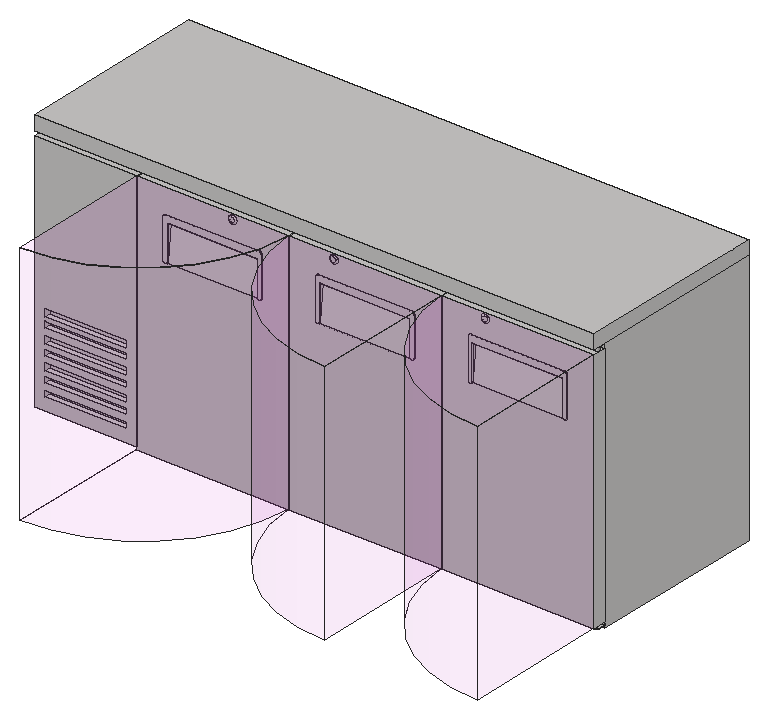
Revit family "QF_True_TBB24-72-3S-Z1-SFT-S-1_Solid_Swing_Door_Back_Bar", category Specialty Equipment, Revit 2021
Family settings
  Round Connector Dimension = Use Diameter
  Part Type = Normal
  Work Plane-Based = No
  Always vertical = Yes
  Cut with Voids When Loaded = No
  Shared = No
  Room Calculation Point = No
Parameters
  Weight in Pounds = 415
  Watts = Volts * FL Amps  # 368 W
  Volts = 115 V
  URL Cutsheet = ""
  Specification by User = ""
  Specification by Manufacturer = ""
  Show Seismic Flanged [instance] = yes
  Show Door Clearance [instance] = yes
  Show Default [instance] = if(or([Show 2" Casters], [Show 3" Casters]), or(or([Show 4" Casters], [Show 5" Casters], [Show 6" Legs]), and([Show 2" Casters], [Show 3" Casters]), and([Show 3" Casters], Show Seismic Flanged)), if(or([Show 4" Casters], [Show 5" Casters]), or(or([Show 6" Legs], Show Seismic Flanged), and([Show 4" Casters], [Show 5" Casters])), if([Show 6" Legs], Show Seismic Flanged, not(Show Seismic Flanged))))  # yes
  Show 6" Legs [instance] = yes
  Show 5" Casters [instance] = yes
  Show 4" Casters [instance] = yes
  Show 3" Casters [instance] = yes
  Show 2" Casters [instance] = yes
  Serial Number = ""
  Seismic Rating = ""
  SMACNA No = ""
  Revision Code = ""
  Phase = 1
  Number of Poles = 1
  NAFEM Spec ID Number = ""
  Model = "TBB24-72-3S-Z1-SFT-S-1"
  Min Ckt Ampacity = 0 A
  Max Overcurrent Protection = 0 A
  Masterspec = ""
  Manufacturer = "True"
  Length = 72 1/32"
  Item Number = ""
  Installed By = ""
  Identify Quantity as Lot = yes
  Height [instance] = Base Height + Body Height  # 34 23/32"
  HP = "1/4"
  Furnished By = ""
  Foodservice Equipment Identifier = yes
  FL Amps = 3.2 A
  Electrical Remarks = ""
  Electric Connection Type = ""
  Elec Conn RI Height = 0"
  Elec Conn Connection Height = 0"
  Door Finish [instance] = QF_Metal_Stainless_Polished
  Description = "Solid Swing Door Back Bar 24\" Depth Single Zone Cooler with Black Sub Top and Black Exterior"
  Depth = 24 7/8"
  Default Elevation = 0"
  Cycle = 60 Hz
  Counter Top Finish [instance] = QF_Metal_Stainless_Polished
  Conn Plug = "NEMA 5-15P"
  Conn Conduit = yes
  CSI MasterFormat = ""
  Body Height [instance] = 34 23/32"
  Body Finish [instance] = QF_Metal_Stainless_Polished
  Base Height [instance] = if(Show Default, 0", if([Show 2" Casters], 2", if([Show 3" Casters], 3", if([Show 4" Casters], 4", if([Show 5" Casters], 5", if([Show 6" Legs], 6", if(Show Seismic Flanged, 6", 0")))))))  # 0"
  Apparent Power = 0 VA
Reference planes (in)
  plane 1 "BACK": y = 0
  plane 2: z = 0
  plane 3 "LEFT": x = 0
  plane 4 "RIGHT": x = 72.03125
  plane 5 "FRONT": y = -24.875
  plane 6 "TOP": z = 34.71875
  plane 7 "Center Y": x = 36.01563
  plane 8 "Center X": y = -12.4375
  plane 9: z = 0
Dimensions and locks (in)
  equal spacing: plane 3 "LEFT", plane 7 "Center Y", plane 4 "RIGHT"
  "Length": plane 3 "LEFT" to plane 4 "RIGHT"
  equal spacing: plane 5 "FRONT", plane 8 "Center X", plane 1 "BACK"
  "Depth": plane 5 "FRONT" to plane 1 "BACK"
  plane 6 "TOP" to level = 34 23/32"
  "Body Height": plane 6 "TOP" to plane 9
  "Base Height": plane 9 to level
  aligned and locked: level to plane 2
  aligned and locked: nested 1 to plane 9
Nested families (in)
  nested 1: "TBB24-72-3S-Z1-BST-B-1" at (0, 0, 0), Show Door Clearance <- "Show Door Clearance", Body Finish <- "Body Finish", Counter Top Finishes <- "Counter Top Finish", Door Finish <- "Door Finish", type "TBB24-72-3S-Z1-BST-B-1"
    with Show Door Clearance yes, Door Finish QF_Metal_Stainless_Polished, Counter Top Finishes QF_Metal_Stainless_Polished, Body Finish QF_Metal_Stainless_Polished
  nested 2: "Family3" at (2.5, -20.9375, 0), Show 2" Casters <- "Show 2" Casters", Show 3" Casters <- "Show 3" Casters", Show 4" Casters <- "Show 4" Casters", Show 5" Casters <- "Show 5" Casters", Show 6" Legs <- "Show 6" Legs", Show Seismic Flanged <- "Show Seismic Flanged", type "Family3"
    with Show Seismic Flanged yes, Show 6" Legs yes, Show 5" Casters yes, Show 4" Casters yes, Show 3" Casters yes, Show 2" Casters yes
  nested 3: "Family3" at (69.53125, -20.9375, 0), Show 2" Casters <- "Show 2" Casters", Show 3" Casters <- "Show 3" Casters", Show 4" Casters <- "Show 4" Casters", Show 5" Casters <- "Show 5" Casters", Show 6" Legs <- "Show 6" Legs", Show Seismic Flanged <- "Show Seismic Flanged", type "Family3"
    with Show Seismic Flanged yes, Show 6" Legs yes, Show 5" Casters yes, Show 4" Casters yes, Show 3" Casters yes, Show 2" Casters yes
  nested 4: "Family3" at (2.5, -2.9375, 0), Show 2" Casters <- "Show 2" Casters", Show 3" Casters <- "Show 3" Casters", Show 4" Casters <- "Show 4" Casters", Show 5" Casters <- "Show 5" Casters", Show 6" Legs <- "Show 6" Legs", Show Seismic Flanged <- "Show Seismic Flanged", type "Family3"
    with Show Seismic Flanged yes, Show 6" Legs yes, Show 5" Casters yes, Show 4" Casters yes, Show 3" Casters yes, Show 2" Casters yes
  nested 5: "Family3" at (69.53125, -2.9375, 0), Show 2" Casters <- "Show 2" Casters", Show 3" Casters <- "Show 3" Casters", Show 4" Casters <- "Show 4" Casters", Show 5" Casters <- "Show 5" Casters", Show 6" Legs <- "Show 6" Legs", Show Seismic Flanged <- "Show Seismic Flanged", type "Family3"
    with Show Seismic Flanged yes, Show 6" Legs yes, Show 5" Casters yes, Show 4" Casters yes, Show 3" Casters yes, Show 2" Casters yes
Connectors (in)
  electrical at (5.92159, 0.23047, 18.36709), driven by "Volts", driven by "Watts"
    settings: on nested 1, index 1, voltage 115 V, apparent load 368 VA, apparent load phase1 0 VA, apparent load phase2 0 VA, apparent load phase3 0 VA, power factor 1, load classification "Other", number of poles 1, system type 30, power factor state 1, is connector primary yes, connector utility no, sub classification motor no, connector description "ELECTRICAL CONNECTION"
Definition of nested family "TBB24-72-3S-Z1-BST-B-1"
  Parameters (values of type "TBB24-72-3S-Z1-BST-B-1")
    Weight in Pounds = 0
    URL Cutsheet = ""
    Specification by User = ""
    Specification by Manufacturer = ""
    Show Door Clearance [instance] = yes
    Serial Number = ""
    Seismic Rating = ""
    SMACNA No = ""
    Revision Code = ""
    NAFEM Spec ID Number = ""
    Masterspec = ""
    Length = 72 1/32"
    Item Number = ""
    Installed By = ""
    Identify Quantity as Lot = yes
    Height = 34 23/32"
    Furnished By = ""
    Foodservice Equipment Identifier = yes
    Door Finish [instance] = none
    Depth = 24 7/8"
    Default Elevation = 0"
    Counter Top Finishes [instance] = none
    CSI MasterFormat = ""
    Body Finish [instance] = none
  Reference planes (in)
    plane 1 "BACK": y = 0
    plane 2: z = 0
    plane 3 "LEFT": x = 0
    plane 4 "RIGHT": x = 72.03125
    plane 5 "FRONT": y = -24.875
    plane 6 "TOP": z = 34.71875
    plane 7 "Center Y": x = 36.01563
    plane 8 "Center X": y = -12.4375
    plane 9: y = -43.625
    plane 10: z = 0.6875
    plane 11: z = 32.9375
    plane 12: z = 23.55589
  Forms (in)
    Extrusion 1, solid, material <- "Counter Top Finishes"
      sketch origin (0, 0, 0) x (1, 0, 0) y (0, 0, 1)
        loop
          line (0, 34.71875) -> (0, 32.9375) -> (72.03125, 32.9375) -> (72.03125, 34.71875) -> (0, 34.71875)
      from 0 to 24.875
    Extrusion 2, solid, material <- "Body Finish"
      sketch origin (0, 0, 0) x (0, 1, 0) y (0, 0, 1)
        loop
          line (0, 32.9375) -> (-23.09422, 32.9375) -> (-23.09422, 0) -> (0, 0) -> (0, 32.9375)
      from 0 to 72.03125
    Extrusion 3, solid, material <- "Body Finish"
      sketch origin (0, -23.09422, 32.9375) x (0, 0, -1) y (1, 0, 0)
        loop
          line (0.66249, 0) -> (31.95758, 0) -> (31.95758, 13.15625) -> (0.66249, 13.15625) -> (0.66249, 0)
      from 0 to 1.78078
    Extrusion 4, void
      sketch origin (0, -24.875, 32.9375) x (0, 0, 1) y (1, 0, 0)
        loop
          line (-20.06297, 1.27626) -> (-20.06297, 11.8296) -> (-21.06297, 11.8296) -> (-21.06297, 1.27626) -> (-20.06297, 1.27626)
        loop
          line (-21.51705, 1.27626) -> (-21.51705, 11.8296) -> (-22.34419, 11.8296) -> (-22.34419, 1.27626) -> (-21.51705, 1.27626)
        loop
          line (-23.18797, 1.27626) -> (-23.18797, 11.8296) -> (-24.18797, 11.8296) -> (-24.18797, 1.27626) -> (-23.18797, 1.27626)
        loop
          line (-24.76705, 1.27626) -> (-24.76705, 11.8296) -> (-25.59419, 11.8296) -> (-25.59419, 1.27626) -> (-24.76705, 1.27626)
        loop
          line (-26.31297, 1.27626) -> (-26.31297, 11.8296) -> (-27.31297, 11.8296) -> (-27.31297, 1.27626) -> (-26.31297, 1.27626)
        loop
          line (-27.89205, 1.27626) -> (-27.89205, 11.8296) -> (-28.71919, 11.8296) -> (-28.71919, 1.27626) -> (-27.89205, 1.27626)
        loop
          line (-29.51705, 1.27626) -> (-29.51705, 11.8296) -> (-30.34419, 11.8296) -> (-30.34419, 1.27626) -> (-29.51705, 1.27626)
      from 0 to 0.83594
    Extrusion 5, solid
      sketch origin (0, 0, 32.6875) x (0, 0, 1) y (1, 0, 0)
        loop
          arc (-12.59037, 11.27264) -> (-12.81004, 11.80298) -> (-13.34037, 12.02264) r 0.75
          line (-13.34037, 12.02264) -> (-31.375, 12.02264)
          arc (-31.375, 12.02264) -> (-31.90533, 11.80298) -> (-32.125, 11.27264) r 0.75
          line (-32.125, 11.27264) -> (-32.125, 0.75)
          arc (-32.125, 0.75) -> (-31.90533, 0.21967) -> (-31.375, 0) r 0.75
          line (-31.375, 0) -> (-13.34037, 0)
          arc (-13.34037, 0) -> (-12.81004, 0.21967) -> (-12.59037, 0.75) r 0.75
          line (-12.59037, 0.75) -> (-12.59037, 5.19897) -> (-12.14941, 5.19897)
          arc (-12.14941, 5.19897) -> (-11.39941, 5.94897) -> (-12.14941, 6.69897) r 0.75
          line (-12.14941, 6.69897) -> (-12.59037, 6.69897) -> (-12.59037, 11.27264)
      from 0 to 0.03125
    Extrusion 6, solid
      sketch origin (0, 0.03125, 32.6875) x (0, 0, 1) y (1, 0, 0)
        loop
          line (-11.64941, 5.94897) -> (-11.89941, 6.38198) -> (-12.39941, 6.38198) -> (-12.64941, 5.94897) -> (-12.39941, 5.51596) -> (-11.89941, 5.51596) -> (-11.64941, 5.94897)
      from 0 to 0.19922
    Extrusion 7, solid
      sketch origin (0, 0.03125, 32.6875) x (0, 0, 1) y (1, 0, 0)
        loop
          circle (-14.32041, 5.92159) r 0.5
      from 0 to 0.19922
    Extrusion 8, solid, material <- "Door Finish"
      sketch origin (0, -23.09422, 32.9375) x (0, 0, -1) y (1, 0, 0)
        loop
          line (0.66249, 72.03125) -> (0.66249, 52.40625) -> (32.25, 52.40625) -> (32.25, 72.03125) -> (0.66249, 72.03125)
      from 0 to 1.78078
    Extrusion 9, solid, material <- "Door Finish"
      sketch origin (0, -23.09422, 32.9375) x (0, 0, -1) y (1, 0, 0)
        loop
          line (0.66249, 52.40625) -> (0.66249, 32.78125) -> (32.25, 32.78125) -> (32.25, 52.40625) -> (0.66249, 52.40625)
      from 0 to 1.78078
    Extrusion 10, solid, material <- "Door Finish"
      sketch origin (0, -23.09422, 32.9375) x (0, 0, -1) y (1, 0, 0)
        loop
          line (0.66249, 32.78125) -> (0.66249, 13.15625) -> (32.25, 13.15625) -> (32.25, 32.78125) -> (0.66249, 32.78125)
      from 0 to 1.78078
    Extrusion 11, solid, material <- "Door Finish"
      sketch origin (84, -24.875, 35.99786) x (0, 0, -1) y (1, 0, 0)
        loop
          arc (7.19767, -35.06214) -> (6.92975, -35.17312) -> (6.81877, -35.44104) r 0.37891
          line (6.81877, -35.44104) -> (6.81877, -47.37146)
          arc (6.81877, -47.37146) -> (6.92953, -47.63887) -> (7.19695, -47.74964) r 0.37818
          line (7.19695, -47.74964) -> (12.19377, -47.74964)
          arc (12.19377, -47.74964) -> (12.44197, -47.50143) -> (12.19377, -47.25323) r 0.2482
          line (12.19377, -47.25323) -> (8.12997, -47.25323)
          arc (8.12997, -47.25323) -> (7.86204, -47.14225) -> (7.75107, -46.87433) r 0.37891
          line (7.75107, -46.87433) -> (7.75107, -35.99995)
          arc (7.75107, -35.99995) -> (7.86204, -35.73202) -> (8.12997, -35.62104) r 0.37891
          line (8.12997, -35.62104) -> (12.16252, -35.62104)
          arc (12.16252, -35.62104) -> (12.44197, -35.34159) -> (12.16252, -35.06214) r 0.27945
          line (12.16252, -35.06214) -> (7.19767, -35.06214)
        loop
          line (7.19767, -67.40625) -> (12.16252, -67.40625)
          arc (12.16252, -67.40625) -> (12.44197, -67.1268) -> (12.16252, -66.84735) r 0.27945
          line (12.16252, -66.84735) -> (8.12997, -66.84735)
          arc (8.12997, -66.84735) -> (7.86204, -66.73637) -> (7.75107, -66.46844) r 0.37891
          line (7.75107, -66.46844) -> (7.75107, -55.59406)
          arc (7.75107, -55.59406) -> (7.86204, -55.32613) -> (8.12997, -55.21515) r 0.37891
          line (8.12997, -55.21515) -> (12.19377, -55.21515)
          arc (12.19377, -55.21515) -> (12.44197, -54.96695) -> (12.19377, -54.71875) r 0.2482
          line (12.19377, -54.71875) -> (7.19695, -54.71875)
          arc (7.19695, -54.71875) -> (6.92953, -54.82952) -> (6.81877, -55.09693) r 0.37818
          line (6.81877, -55.09693) -> (6.81877, -67.02734)
          arc (6.81877, -67.02734) -> (6.92975, -67.29527) -> (7.19767, -67.40625) r 0.37891
        loop
          arc (7.19767, -15.40625) -> (6.92975, -15.51723) -> (6.81877, -15.78516) r 0.37891
          line (6.81877, -15.78516) -> (6.81877, -27.71557)
          arc (6.81877, -27.71557) -> (6.92953, -27.98298) -> (7.19695, -28.09375) r 0.37818
          line (7.19695, -28.09375) -> (12.19377, -28.09375)
          arc (12.19377, -28.09375) -> (12.44197, -27.84555) -> (12.19377, -27.59735) r 0.2482
          line (12.19377, -27.59735) -> (8.12997, -27.59735)
          arc (8.12997, -27.59735) -> (7.86204, -27.48637) -> (7.75107, -27.21844) r 0.37891
          line (7.75107, -27.21844) -> (7.75107, -16.34406)
          arc (7.75107, -16.34406) -> (7.86204, -16.07613) -> (8.12997, -15.96515) r 0.37891
          line (8.12997, -15.96515) -> (12.16252, -15.96515)
          arc (12.16252, -15.96515) -> (12.44197, -15.6857) -> (12.16252, -15.40625) r 0.27945
          line (12.16252, -15.40625) -> (7.19767, -15.40625)
      from 0 to 0.03125
    Extrusion 12, void
      sketch origin (14.17365, -24.875, 27.86788) x (0, 0, 1) y (0, 1, 0)
        loop
          line (0.37891, -0.24253) -> (0.37891, 0.5) -> (-4.312, 0) -> (-4.312, -0.24253) -> (0.37891, -0.24253)
      from -2.979 to -14.61119
    Extrusion 13, void
      sketch origin (33.76777, -24.875, 27.86788) x (0, 0, 1) y (0, 1, 0)
        loop
          line (0.37891, -0.24253) -> (0.37891, 0.5) -> (-4.312, 0) -> (-4.312, -0.24253) -> (0.37891, -0.24253)
      from -2.979 to -14.61119
    Extrusion 14, void
      sketch origin (53.42365, -24.875, 27.86788) x (0, 0, 1) y (0, 1, 0)
        loop
          line (0.37891, -0.24253) -> (0.37891, 0.5) -> (-4.312, 0) -> (-4.312, -0.24253) -> (0.37891, -0.24253)
      from -2.979 to -14.61119
    Blend 15, solid, material <- "Door Finish"
      base sketch origin (55.62282, -24.875, 35.99786) x (0, 0, -1) y (1, 0, 0)
        loop
          circle (4.37806, -30.11945) r 0.5
      top sketch origin (55.62282, -24.875, 35.99786) x (0, 0, 1) y (1, 0, 0)
        loop
          circle (-4.37806, -30.11945) r 0.37406
      from 0 to 0.07959
    Blend 16, solid, material <- "Door Finish"
      base sketch origin (55.62282, -24.875, 35.99786) x (0, 0, -1) y (1, 0, 0)
        loop
          circle (4.37806, -17.0582) r 0.5
      top sketch origin (55.62282, -24.875, 35.99786) x (0, 0, 1) y (1, 0, 0)
        loop
          circle (-4.37806, -17.0582) r 0.37406
      from 0 to 0.07959
    Blend 17, solid, material <- "Door Finish"
      base sketch origin (75.12282, -24.875, 35.99786) x (0, 0, -1) y (1, 0, 0)
        loop
          circle (4.37806, -17.0582) r 0.5
      top sketch origin (75.12282, -24.875, 35.99786) x (0, 0, 1) y (1, 0, 0)
        loop
          circle (-4.37806, -17.0582) r 0.37406
      from 0 to 0.07959
    Revolve 18, solid
      sketch origin (13.65625, -180, 0.6875) x (0, 0, -1) y (0, -1, 0)
        loop
          line (-31.58751, -156.24977) -> (-32.25, -156.24977) -> (-32.25, -156.74977) -> (-32.1201, -156.74977) -> (-32.1201, -156.49977) -> (-31.58751, -156.49977) -> (-31.58751, -156.24977)
        axis (-32.25, -156.24977) -> (-31.58751, -156.24977)
      angle from 0 to 360
    Revolve 19, solid
      sketch origin (13.65532, -180.05443, 0.39756) x (0, 0, 1) y (0, 1, 0)
        loop
          line (0.28994, 156.29571) -> (0.28994, 156.48985) -> (0, 156.48985) -> (0, 156.29571) -> (0.28994, 156.29571)
        axis (0.28994, 156.29571) -> (0, 156.29571)
      angle from 0 to 360
    Revolve 20, solid
      sketch origin (71.53125, -180, 0.6875) x (0, 0, -1) y (0, 1, 0)
        loop
          line (-31.58751, 156.24977) -> (-31.58751, 156.49977) -> (-32.1201, 156.49977) -> (-32.1201, 156.74977) -> (-32.25, 156.74977) -> (-32.25, 156.24977) -> (-31.58751, 156.24977)
        axis (-32.25, 156.24977) -> (-31.58751, 156.24977)
      angle from 0 to 360
    Revolve 21, solid
      sketch origin (71.50341, -180.05443, 0.39756) x (0, 0, 1) y (0, -1, 0)
        loop
          line (0.28994, -156.29571) -> (0, -156.29571) -> (0, -156.48985) -> (0.28994, -156.48985) -> (0.28994, -156.29571)
        axis (0.28994, -156.29571) -> (0, -156.29571)
      angle from 0 to 360
    Extrusion 22, solid
      sketch origin (-14.8043, -180.46875, 0.33506) x (-1, 0, 0) y (0, -1, 0)
        loop
          line (-27.96055, -157.37453) -> (-27.96055, -156.39831)
          arc (-27.96055, -156.39831) -> (-28.00348, -156.29467) -> (-28.10712, -156.25173) r 0.14658
          line (-28.10712, -156.25173) -> (-28.51541, -156.25173)
          arc (-28.51541, -156.25173) -> (-28.59865, -156.26829) -> (-28.66923, -156.31545) r 0.21754
          line (-28.66923, -156.31545) -> (-29.51188, -157.1581)
          arc (-29.51188, -157.1581) -> (-29.53936, -157.29627) -> (-29.42223, -157.37453) r 0.12678
          line (-29.42223, -157.37453) -> (-27.96055, -157.37453)
        loop
          line (-67.21055, -157.37453) -> (-65.74886, -157.37453)
          arc (-65.74886, -157.37453) -> (-65.63173, -157.29627) -> (-65.65921, -157.1581) r 0.12678
          line (-65.65921, -157.1581) -> (-66.50186, -156.31545)
          arc (-66.50186, -156.31545) -> (-66.57244, -156.26829) -> (-66.65568, -156.25173) r 0.21754
          line (-66.65568, -156.25173) -> (-67.06397, -156.25173)
          arc (-67.06397, -156.25173) -> (-67.16761, -156.29467) -> (-67.21055, -156.39831) r 0.14658
          line (-67.21055, -156.39831) -> (-67.21055, -157.37453)
      from 0 to 0.0625
    Extrusion 23, solid
      sketch origin (-7.625, -23.09422, 32.9375) x (0, 0, -1) y (1, 0, 0)
        loop
          line (32.60244, 20.78125) -> (32.60244, 22.36972) -> (32.25, 22.36972) -> (32.25, 20.78125) -> (32.60244, 20.78125)
        loop
          line (32.60244, 60.03125) -> (32.25, 60.03125) -> (32.25, 58.44278) -> (32.60244, 58.44278) -> (32.60244, 60.03125)
      from 0 to 0.0625
    Revolve 24, solid
      sketch origin (51.90625, -180, 0.6875) x (0, 0, -1) y (0, 1, 0)
        loop
          line (-31.58751, 156.24977) -> (-31.58751, 156.49977) -> (-32.1201, 156.49977) -> (-32.1201, 156.74977) -> (-32.25, 156.74977) -> (-32.25, 156.24977) -> (-31.58751, 156.24977)
        axis (-32.25, 156.24977) -> (-31.58751, 156.24977)
      angle from 0 to 360
    Revolve 25, solid
      sketch origin (51.87841, -180.05443, 0.39756) x (0, 0, 1) y (0, -1, 0)
        loop
          line (0.28994, -156.29571) -> (0, -156.29571) -> (0, -156.48985) -> (0.28994, -156.48985) -> (0.28994, -156.29571)
        axis (0.28994, -156.29571) -> (0, -156.29571)
      angle from 0 to 360
    Extrusion 26, solid
      sketch origin (12, -23.09422, 32.9375) x (0, 0, -1) y (1, 0, 0)
        loop
          line (32.60244, 60.03125) -> (32.25, 60.03125) -> (32.25, 58.44278) -> (32.60244, 58.44278) -> (32.60244, 60.03125)
      from 0 to 0.0625
    Extrusion 27, solid
      sketch origin (4.8207, -180.46875, 0.33506) x (-1, 0, 0) y (0, -1, 0)
        loop
          line (-67.21055, -157.37453) -> (-65.74886, -157.37453)
          arc (-65.74886, -157.37453) -> (-65.63173, -157.29627) -> (-65.65921, -157.1581) r 0.12678
          line (-65.65921, -157.1581) -> (-66.50186, -156.31545)
          arc (-66.50186, -156.31545) -> (-66.57244, -156.26829) -> (-66.65568, -156.25173) r 0.21754
          line (-66.65568, -156.25173) -> (-67.06397, -156.25173)
          arc (-67.06397, -156.25173) -> (-67.16761, -156.29467) -> (-67.21055, -156.39831) r 0.14658
          line (-67.21055, -156.39831) -> (-67.21055, -157.37453)
      from 0 to 0.0625
    Extrusion 28, solid, visible <- "Show Door Clearance"
      sketch origin (45.95654, -23.09422, 0.6875) x (0, -1, 0) y (-1, 0, 0)
        loop
          arc (1.78078, 13.17529) -> (15.09548, 19.22374) -> (20.53077, 32.80029) r 19.625
          line (20.53077, 32.80029) -> (1.78078, 32.80029) -> (1.78078, 13.17529)
      from 0 to -31.58751
    Extrusion 29, solid, visible <- "Show Door Clearance"
      sketch origin (45.95654, -23.09422, 0.6875) x (0, -1, 0) y (-1, 0, 0)
        loop
          line (1.78078, 13.17529) -> (1.78078, -6.44971) -> (20.53077, -6.44971)
          arc (20.53077, -6.44971) -> (15.09548, 7.12683) -> (1.78078, 13.17529) r 19.625
      from 0 to -31.58751
    Extrusion 30, solid, visible <- "Show Door Clearance"
      sketch origin (45.95654, -23.09422, 0.6875) x (0, -1, 0) y (-1, 0, 0)
        loop
          line (1.78078, -6.44971) -> (1.78078, -26.07471) -> (20.53077, -26.07471)
          arc (20.53077, -26.07471) -> (15.09548, -12.49817) -> (1.78078, -6.44971) r 19.625
      from 0 to -31.58751
  Cuts and joins
    Extrusion 4 cuts Extrusion 2
    Extrusion 4 cuts Extrusion 3
    Extrusion 12, Extrusion 13 cuts Extrusion 10
    Extrusion 12, Extrusion 13, Extrusion 14 cuts Extrusion 11
    Extrusion 12, Extrusion 13, Extrusion 14 cuts Extrusion 9
    Extrusion 13, Extrusion 14 cuts Extrusion 8
  Lines and regions (in)
    Split face 1
      outline origin (0, 0.03125, 32.6875) x (0, 0, 1) y (1, 0, 0)
        loop
          line (-15.04167, 10.7061) -> (-29.59231, 10.7061) -> (-29.59231, 0.9561) -> (-15.04167, 0.9561) -> (-15.04167, 10.7061)
    Split face 2
      outline origin (72.03125, 0, 0) x (-1, 0, 0) y (0, 0, 1)
        loop
          line (60.03125, 32.9375) -> (60.03125, 0)
        loop
          line (57.65625, 0) -> (57.65625, 32.9375)
        loop
          line (2.75, 32.9375) -> (2.75, 0)
    Split face 3
      outline origin (0, -24.875, 32.27501) x (-1, 0, 0) y (0, 0, -1)
        loop
          line (-2.26866, 1.36126) -> (-2.26866, 2.86126) -> (-10.572, 2.86126) -> (-10.572, 1.36126) -> (-2.26866, 1.36126)
    symbolic lines
      curve 1: line (72.03125, 0, 0) -> (0, 0, 0)
      curve 2: line (0, 0, 0) -> (0, -24.875, 0)
      curve 3: line (0, -24.875, 0) -> (72.03125, -24.875, 0)
      curve 4: line (72.03125, -24.875, 0) -> (72.03125, 0, 0)
    symbolic lines, visible <- "Show Door Clearance"
      curve 5: arc (32.78125, -24.875, 0) -> (31.90289, -29.86816, 0) -> (29.77475, -34.46969, 0) r 19.625
      curve 6: arc (35.78775, -34.46969, 0) -> (33.65961, -29.86816, 0) -> (32.78125, -24.875, 0) r 19.625
      curve 7: arc (55.41275, -34.46969, 0) -> (53.28461, -29.86816, 0) -> (52.40625, -24.875, 0) r 19.625
      curve 8: line (13.15625, -24.875, 0) -> (29.77475, -34.46969, 0)
      curve 9: line (52.40625, -24.875, 0) -> (35.78775, -34.46969, 0)
      curve 10: line (72.03125, -24.875, 0) -> (55.41275, -34.46969, 0)
  Dimensions and locks (in)
    equal spacing: plane 3 "LEFT", plane 7 "Center Y", plane 4 "RIGHT"
    "Length": plane 3 "LEFT" to plane 4 "RIGHT"
    equal spacing: plane 5 "FRONT", plane 8 "Center X", plane 1 "BACK"
    "Depth": plane 5 "FRONT" to plane 1 "BACK"
    "Height": plane 6 "TOP" to level
    plane 1 "BACK" to plane 9 = 43 5/8"
    plane 10 to level = 11/16"
    plane 5 "FRONT" to plane 1 "BACK" = 24 7/8"
    plane 9 to plane 1 "BACK" = 43 5/8"
    plane 6 "TOP" to plane 11 = 1 25/32"
    plane 5 "FRONT" to plane 9 = 18 3/4"
    aligned and locked: level to plane 2
  Automatic sketch dimensions
    Extrusion 1 sketch curve to plane 3 "LEFT" = 0"
    plane 4 "RIGHT" to Extrusion 1 sketch curve = 0"
    Extrusion 1 sketch curve to plane 11 = 0"
    Extrusion 1 sketch curve to plane 6 "TOP" = 0"
    plane 11 to Extrusion 2 sketch curve = 0"
    Extrusion 2 sketch curve to level = 0"
    Extrusion 2 sketch curve to plane 1 "BACK" = 0"
    Extrusion 2 sketch curve to plane 5 "FRONT" = 1.78078"
    Extrusion 3 sketch curve to Extrusion 2 = 0"
    Extrusion 3 sketch curve to Extrusion 2 = 0.66249"
    Extrusion 3 sketch curve to Extrusion 2 = 0.97992"
    Extrusion 2 to Extrusion 3 sketch curve = 13 5/32"
    Extrusion 3 to Extrusion 4 sketch curve = 1.61339"
    Extrusion 4 sketch curve to Extrusion 4 sketch curve = 0.82714"  (x4)
    Extrusion 4 sketch curve to Extrusion 4 sketch curve = 0.79786"
    Extrusion 4 sketch curve to Extrusion 4 sketch curve = 0.57908"  (x2)
    Extrusion 4 sketch curve to Extrusion 4 sketch curve = 1"  (x3)
    Extrusion 4 sketch curve to Extrusion 4 sketch curve = 0.71878"
    Extrusion 4 sketch curve to Extrusion 4 sketch curve = 0.84378"
    Extrusion 4 sketch curve to Extrusion 4 sketch curve = 0.45408"
    Extrusion 3 to Extrusion 4 sketch curve = 1.27626"  (x2)
    Extrusion 4 sketch curve to Extrusion 4 sketch curve = 0"  (x11)
    Extrusion 3 to Extrusion 4 sketch curve = 1.32665"
    Extrusion 5 sketch curve to Extrusion 2 = 0"
    Extrusion 2 to Extrusion 5 sketch curve = 9/16"
    Extrusion 5 sketch curve to Extrusion 5 sketch curve = 3/4"  (x3)
    Extrusion 5 sketch curve to Extrusion 2 = 13.59037"
    Extrusion 2 to Extrusion 5 sketch curve = 3/4"
    Extrusion 5 sketch curve to Extrusion 5 sketch curve = 0"  (x2)
    Extrusion 5 sketch curve to Extrusion 5 sketch curve = 0.44096"
    Extrusion 5 sketch curve to Extrusion 5 sketch curve = 4.44897"
    Extrusion 5 sketch curve to Extrusion 5 sketch curve = 10.52264"
    Split face 1 sketch curve to Extrusion 5 = 2.53269"
    Split face 1 sketch curve to Extrusion 5 = 2.4513"
    Split face 1 sketch curve to Extrusion 5 = 0.9561"
    Split face 1 sketch curve to Extrusion 5 = 1.31655"
    Extrusion 6 sketch curve to Extrusion 5 = 0.05904"
    Extrusion 5 to Extrusion 6 sketch curve = 0.19096"  (x2)
    Extrusion 6 sketch curve to Extrusion 5 = 0.31699"  (x2)
    Extrusion 6 sketch curve to Extrusion 6 sketch curve = 1/2"  (x2)
    Extrusion 6 sketch curve to Extrusion 6 sketch curve = 1/4"
    Extrusion 6 sketch curve to Extrusion 6 sketch curve = 0.43301"  (x2)
    Extrusion 7 sketch curve to Extrusion 5 = 0.72262"
    Extrusion 7 sketch curve to Extrusion 5 = 1.73005"
    Split face 2 sketch curve to cut or joined group of Extrusion 2, Extrusion 4 = 0"  (x6)
    Split face 2 sketch curve to cut or joined group of Extrusion 2, Extrusion 4 = 2 3/4"
    Split face 2 sketch curve to cut or joined group of Extrusion 2, Extrusion 4 = 14 3/8"
    Split face 2 sketch curve to Split face 2 sketch curve = 2 3/8"
    Split face 3 sketch curve to cut or joined group of Extrusion 3, Extrusion 4 = 1.2576"
    Split face 3 sketch curve to cut or joined group of Extrusion 3, Extrusion 4 = 0.9924"
    Split face 3 sketch curve to cut or joined group of Extrusion 3, Extrusion 4 = 1.36126"
    Split face 3 sketch curve to Split face 3 sketch curve = 1 1/2"
    Extrusion 2 to Extrusion 8 sketch curve = 0"
    Extrusion 8 sketch curve to Extrusion 2 = 0.66249"
    Extrusion 8 sketch curve to Extrusion 2 = 11/16"
    Extrusion 2 to Extrusion 8 sketch curve = 19 5/8"
    Extrusion 9 sketch curve to Extrusion 2 = 0.66249"
    Extrusion 9 sketch curve to Extrusion 2 = 11/16"
    Extrusion 2 to Extrusion 9 sketch curve = 32 25/32"
    Extrusion 2 to Extrusion 9 sketch curve = 19 5/8"
    Extrusion 10 sketch curve to Extrusion 2 = 0.66249"
    Extrusion 10 sketch curve to Extrusion 2 = 11/16"
    Extrusion 2 to Extrusion 10 sketch curve = 13 5/32"
    Extrusion 10 sketch curve to Extrusion 10 sketch curve = 19 5/8"
    plane 11 to Extrusion 11 sketch curve = 3.75841"  (x3)
    Extrusion 11 sketch curve to Extrusion 11 sketch curve = 0.37818"  (x3)
    plane 7 "Center Y" to Extrusion 11 sketch curve = 0.23474"
    Extrusion 11 sketch curve to Extrusion 11 sketch curve = 97/256"  (x9)
    Extrusion 11 sketch curve to Extrusion 11 sketch curve = 0.55339"  (x2)
    Extrusion 11 sketch curve to Extrusion 11 sketch curve = 0.55412"
    plane 12 to Extrusion 11 sketch curve = 0.27945"  (x3)
    plane 12 to Extrusion 11 sketch curve = 0.2482"  (x3)
    Extrusion 11 sketch curve to plane 7 "Center Y" = 6 47/64"
    Extrusion 11 sketch curve to Extrusion 11 sketch curve = 0.2482"  (x3)
    Extrusion 11 sketch curve to Extrusion 11 sketch curve = 10.87438"  (x2)
    Extrusion 11 sketch curve to Extrusion 11 sketch curve = 0.5589"  (x3)
    Extrusion 11 sketch curve to Extrusion 11 sketch curve = 6.96839"
    plane 4 "RIGHT" to Extrusion 11 sketch curve = 4.37531"
    Extrusion 12 sketch curve to plane 5 "FRONT" = 0"
    Extrusion 12 sketch curve to plane 12 = 0"
    plane 5 "FRONT" to Extrusion 12 sketch curve = 0.24253"
    plane 11 to Extrusion 12 sketch curve = 4.69071"
    Extrusion 12 sketch curve to plane 5 "FRONT" = 1/2"
    Extrusion 13 sketch curve to plane 5 "FRONT" = 0"
    Extrusion 13 sketch curve to plane 12 = 0"
    plane 5 "FRONT" to Extrusion 13 sketch curve = 0.24253"
    plane 11 to Extrusion 13 sketch curve = 4.69071"
    Extrusion 13 sketch curve to plane 5 "FRONT" = 1/2"
    Extrusion 14 sketch curve to plane 5 "FRONT" = 0"
    Extrusion 14 sketch curve to plane 12 = 0"
    plane 5 "FRONT" to Extrusion 14 sketch curve = 0.24253"
    plane 11 to Extrusion 14 sketch curve = 4.69071"
    Extrusion 14 sketch curve to plane 5 "FRONT" = 1/2"
    plane 11 to Blend 15 sketch curve = 1.31771"  (x2)
    Blend 15 sketch curve to plane 7 "Center Y" = 10.51226"  (x2)
    plane 11 to Blend 16 sketch curve = 1.31771"  (x2)
    plane 7 "Center Y" to Blend 16 sketch curve = 2.54899"  (x2)
    plane 11 to Blend 17 sketch curve = 1.31771"  (x2)
    plane 4 "RIGHT" to Blend 17 sketch curve = 13.96663"  (x2)
    plane 11 to Revolve 18 sketch curve = 0"  (x2)
    plane 11 to Revolve 18 sketch curve = 0.1299"  (x2)
    Revolve 18 sketch curve to Revolve 18 sketch curve = 0.53259"
    Revolve 18 sketch curve to plane 5 "FRONT" = 1.62477"
    Revolve 18 sketch curve to Revolve 18 sketch curve = 1/4"  (x2)
    Revolve 18 sketch curve to Revolve 18 sketch curve = 0"
    Revolve 19 sketch curve to plane 10 = 0"  (x2)
    Revolve 19 sketch curve to plane 10 = 0.28994"
    Revolve 19 sketch curve to plane 5 "FRONT" = 1.11628"
    Revolve 19 sketch curve to Revolve 19 sketch curve = 0.19414"
    Revolve 19 sketch curve to plane 10 = 0.14497"
    Revolve 19 sketch curve to Revolve 19 sketch curve = 0"
    plane 11 to Revolve 20 sketch curve = 0"  (x2)
    plane 11 to Revolve 20 sketch curve = 0.1299"  (x2)
    Revolve 20 sketch curve to Revolve 20 sketch curve = 0.53259"
    Revolve 20 sketch curve to plane 5 "FRONT" = 1.12477"
    Revolve 20 sketch curve to Revolve 20 sketch curve = 1/4"  (x2)
    Revolve 20 sketch curve to Revolve 20 sketch curve = 0"
    Revolve 21 sketch curve to plane 10 = 0"  (x2)
    Revolve 21 sketch curve to plane 10 = 0.28994"
    Revolve 21 sketch curve to plane 5 "FRONT" = 1.31042"
    Revolve 21 sketch curve to Revolve 21 sketch curve = 0.19414"
    Revolve 21 sketch curve to plane 10 = 0.14497"
    Revolve 21 sketch curve to Revolve 21 sketch curve = 0"
    Extrusion 22 sketch curve to plane 5 "FRONT" = 1.78078"
    plane 7 "Center Y" to Extrusion 22 sketch curve = 16 25/64"
    Extrusion 22 sketch curve to Extrusion 22 sketch curve = 0.14658"  (x2)
    Extrusion 22 sketch curve to Extrusion 22 sketch curve = 0.40828"  (x2)
    Extrusion 22 sketch curve to plane 5 "FRONT" = 0.7217"  (x2)
    Extrusion 22 sketch curve to Extrusion 22 sketch curve = 0.15382"  (x4)
    Extrusion 22 sketch curve to Extrusion 22 sketch curve = 0.90682"
    Extrusion 22 sketch curve to plane 5 "FRONT" = 1.56435"  (x2)
    Extrusion 22 sketch curve to Extrusion 22 sketch curve = 0.08965"  (x2)
    plane 3 "LEFT" to Extrusion 22 sketch curve = 14.70758"
    Extrusion 22 sketch curve to Extrusion 22 sketch curve = 0.84265"
    Extrusion 22 sketch curve to Extrusion 22 sketch curve = 1.05908"
    Extrusion 23 sketch curve to plane 10 = 0"  (x2)
    level to Extrusion 23 sketch curve = 0.33506"  (x2)
    plane 3 "LEFT" to Extrusion 23 sketch curve = 13 5/32"
    Extrusion 23 sketch curve to Extrusion 23 sketch curve = 1.58847"  (x2)
    plane 7 "Center Y" to Extrusion 23 sketch curve = 14.80216"
    plane 11 to Revolve 24 sketch curve = 0"  (x2)
    plane 11 to Revolve 24 sketch curve = 0.1299"  (x2)
    Revolve 24 sketch curve to Revolve 24 sketch curve = 0.53259"
    Revolve 24 sketch curve to plane 5 "FRONT" = 1.12477"
    Revolve 24 sketch curve to Revolve 24 sketch curve = 1/4"  (x2)
    Revolve 24 sketch curve to Revolve 24 sketch curve = 0"
    Revolve 25 sketch curve to plane 10 = 0"  (x2)
    Revolve 25 sketch curve to plane 10 = 0.28994"
    Revolve 25 sketch curve to plane 5 "FRONT" = 1.31042"
    Revolve 25 sketch curve to Revolve 25 sketch curve = 0.19414"
    Revolve 25 sketch curve to plane 10 = 0.14497"
    Revolve 25 sketch curve to Revolve 25 sketch curve = 0"
    plane 4 "RIGHT" to Extrusion 26 sketch curve = 0"
    Extrusion 26 sketch curve to plane 10 = 0"
    level to Extrusion 26 sketch curve = 0.33506"
    plane 4 "RIGHT" to Extrusion 26 sketch curve = 1.58847"
    Extrusion 27 sketch curve to plane 4 "RIGHT" = 0"
    plane 4 "RIGHT" to Extrusion 27 sketch curve = 0.14658"
    Extrusion 27 sketch curve to Extrusion 27 sketch curve = 0.40828"
    Extrusion 27 sketch curve to Extrusion 27 sketch curve = 0.15382"
    Extrusion 27 sketch curve to Extrusion 27 sketch curve = 0.90682"
    Extrusion 27 sketch curve to Extrusion 27 sketch curve = 0.08965"
    Extrusion 27 sketch curve to plane 5 "FRONT" = 1.78078"
    Extrusion 27 sketch curve to Extrusion 27 sketch curve = 0.12678"
    Extrusion 27 sketch curve to plane 5 "FRONT" = 0.87552"
    Extrusion 27 sketch curve to Extrusion 27 sketch curve = 0.07096"
    Extrusion 28 sketch curve to Extrusion 8 = 0"
    Extrusion 28 sketch curve to Extrusion 8 = 7/8"
    Extrusion 8 to Extrusion 28 sketch curve = 18 3/4"
    Extrusion 8 to Extrusion 28 sketch curve = 39 1/4"
    Extrusion 28 sketch curve to Extrusion 28 sketch curve = 5/256"
    Extrusion 29 sketch curve to Extrusion 8 = 0"  (x2)
    Extrusion 8 to Extrusion 29 sketch curve = 5/256"
    Extrusion 29 sketch curve to Extrusion 8 = 7/8"
    Extrusion 8 to Extrusion 29 sketch curve = 18 3/4"
    Extrusion 30 sketch curve to Extrusion 8 = 0"  (x3)
    Extrusion 8 to Extrusion 30 sketch curve = 5/256"
    Extrusion 30 sketch curve to Extrusion 8 = 7/8"
    plane 1 "BACK" to curve 1 = 0"
    curve 1 to plane 3 "LEFT" = 0"
    plane 5 "FRONT" to curve 8 = 0"
    curve 4 to plane 4 "RIGHT" = 0"
    curve 5 to plane 5 "FRONT" = 7/8"
    plane 3 "LEFT" to curve 5 = 13 45/256"
    curve 8 to plane 7 "Center Y" = 6.24088"
    curve 9 to plane 7 "Center Y" = 0.22787"
    curve 6 to plane 5 "FRONT" = 7/8"
    curve 6 to curve 9 = 5/256"
    plane 4 "RIGHT" to curve 7 = 5/256"
    plane 9 to curve 8 = 9.15531"
    curve 8 to curve 9 = 0"
    curve 7 to plane 5 "FRONT" = 7/8"
    curve 8 to curve 5 = 5/256"
    curve 7 to curve 10 = 3.0065"
    plane 9 to curve 10 = 9.15531"
    radius of Extrusion 7 sketch curve = 1/2"
    radius of Blend 15 sketch curve = 1/2"
    radius of Blend 15 sketch curve = 0.37406"
    radius of Blend 16 sketch curve = 1/2"
    radius of Blend 16 sketch curve = 0.37406"
    radius of Blend 17 sketch curve = 1/2"
    radius of Blend 17 sketch curve = 0.37406"
Definition of nested family "Family3"
  Parameters (values of type "Family3")
    Weight in Pounds = 0
    URL Cutsheet = ""
    Specification by User = ""
    Specification by Manufacturer = ""
    Show Seismic Flanged [instance] = yes
    Show 6" Legs [instance] = yes
    Show 5" Casters [instance] = yes
    Show 4" Casters [instance] = yes
    Show 3" Casters [instance] = yes
    Show 2" Casters [instance] = yes
    Serial Number = ""
    Seismic Rating = ""
    SMACNA No = ""
    Revision Code = ""
    NAFEM Spec ID Number = ""
    Masterspec = ""
    Length = 0"
    Item Number = ""
    Installed By = ""
    Identify Quantity as Lot = yes
    Height = 0"
    Furnished By = ""
    Foodservice Equipment Identifier = yes
    Depth = 0"
    Default Elevation = 0"
    CSI MasterFormat = ""
  Reference planes (in)
    plane 1 "BACK": y = 0
    plane 2: z = 0
    plane 3 "LEFT": x = 0
    plane 4 "RIGHT": x = 0
    plane 5 "FRONT": y = 0
    plane 6 "TOP": z = 0
    plane 7 "Center Y": x = 0
    plane 8 "Center X": y = 0
  Dimensions and locks (in)
    equal spacing: plane 3 "LEFT", plane 7 "Center Y", plane 4 "RIGHT"
    "Length": plane 3 "LEFT" to plane 4 "RIGHT"
    equal spacing: plane 5 "FRONT", plane 8 "Center X", plane 1 "BACK"
    "Depth": plane 5 "FRONT" to plane 1 "BACK"
    "Height": plane 6 "TOP" to level
    aligned and locked: level to plane 2
  Nested families (in)
    nested 1: "2 INCHES_CASTER" at (0, 0, 0), 2 Inches Caster <- "Show 2" Casters", type "2 INCHES_CASTER"
      with Type Mark "", Specification by User "", Revision Code "", Item Number "", Installed By "", Identify Quantity as Lot yes, Furnished By "", Foodservice Equipment Identifier yes, 2 Inches Caster yes
    nested 2: "3 INCHES 01_CASTER" at (0, 0, 0), 3 Inches Caster <- "Show 3" Casters", type "3 INCHES 01_CASTER"
      with Type Mark "", Specification by User "", Revision Code "", Item Number "", Installed By "", Identify Quantity as Lot yes, Furnished By "", Foodservice Equipment Identifier yes, 3 Inches Caster yes
    nested 3: "4 INCHES_CASTER" at (0, 0, 0), Show 4 Inches Casters <- "Show 4" Casters", type "4 INCHES_CASTER"
      with Type Mark "", Specification by User "", Show 4 Inches Casters yes, Revision Code "", Item Number "", Installed By "", Identify Quantity as Lot yes, Furnished By "", Foodservice Equipment Identifier yes
    nested 4: "5 INCHES 01_CASTER 2" at (0, 0, 0), Show 5" Casters <- "Show 5" Casters", type "5 INCHES 01_CASTER 2"
      with Type Mark "", Specification by User "", Show 5" Casters yes, Revision Code "", Key Locks no, Item Number "", Installed By "", Identify Quantity as Lot yes, Furnished By "", Foodservice Equipment Identifier yes
    nested 5: "6 INCHES LEGS" at (0, 0, 0), Show 6" Legs <- "Show 6" Legs", type "6 INCHES LEGS"
      with Type Mark "", Status "", Specification by User "", Show Seismic Flanged no, Show 6" Legs yes, Revision Code "", Item Number "", Installed By "", Identify Quantity as Lot yes, Furnished By "", Foodservice Equipment Identifier yes
    nested 6: "6 INCHES LEGS WITH FLANGED" at (0, 0, 0), visible <- "Show Seismic Flanged", Show 6" Seismic Flanged <- "Show Seismic Flanged", type "6 INCHES LEGS WITH FLANGED"
      with Type Mark "", Status "", Specification by User "", Revision Code "", Item Number "", Installed By "", Identify Quantity as Lot yes, Furnished By "", Foodservice Equipment Identifier yes
  Definition of nested family "2 INCHES_CASTER"
    Parameters (values of type "2 INCHES_CASTER")
      Weight = ""
      URL Manufacturer = ""
      URL Cutsheet = ""
      URL = ""
      Type Mark [instance] = ""
      Specification by User [instance] = ""
      Specification by Manufacturer = ""
      Serial Number = ""
      Seismic Rating = ""
      SMACNA No = ""
      Revision Code [instance] = ""
      Omniclass Number and Title = ""
      NAFEM Spec ID Number = ""
      Model = ""
      MasterSpec. = ""
      Manufacturer = ""
      Item Number [instance] = ""
      Installed By [instance] = ""
      Identify Quantity as Lot [instance] = yes
      Furnished By [instance] = ""
      Foodservice Equipment Identifier [instance] = yes
      Description = ""
      Default Elevation = 0"
      CSI MasterFormat = ""
      CSI Master Format = ""
      Assembly Code = ""
      2 Inches Caster [instance] = yes
    Reference planes (in)
      plane 1: z = 0
      plane 2 "RIGHT": x = 0
      plane 3 "FRONT": y = 0
      plane 4 "TOP": z = 2
    Forms (in)
      Revolve 1, solid, visible <- "2 Inches Caster"
        sketch origin (-1.93794, 0.46818, -1.0041) x (1, 0, 0) y (0, 0, 1)
          loop
            line (0.74055, 1.86347) -> (0.74055, 1.78797) -> (0.79055, 1.73797) -> (0.85055, 1.73797) -> (0.85055, 1.6179) -> (1.235, 1.6179) -> (1.235, 1.55055) -> (1.38673, 1.46295) -> (1.4003, 1.3791) -> (1.34375, 1.3791) -> (1.34375, 1.2541) -> (1.375, 1.2541) -> (1.375, 1.0041) -> (2.48438, 1.0041) -> (2.48438, 1.2541) -> (2.51563, 1.2541) -> (2.51563, 1.3791) -> (2.45908, 1.3791) -> (2.47322, 1.46647) -> (2.62438, 1.55374) -> (2.62438, 1.6179) -> (3.04007, 1.6179) -> (3.04007, 1.73797) -> (3.10007, 1.73797) -> (3.15007, 1.78797) -> (3.15007, 1.86347) -> (0.74055, 1.86347)
          axis (0.74055, 1.86347) -> (3.15007, 1.86347)
        angle from 0 to 360
      Extrusion 2, solid, visible <- "2 Inches Caster"
        sketch origin (-1.93794, 1.43296, -3.41527) x (0, 1, 0) y (0, 0, 1)
          loop
            line (-0.64294, 5.3791) -> (-2.21294, 5.3791) -> (-2.21294, 5.24769) -> (-1.37414, 5.24769)
            arc (-1.37414, 5.24769) -> (-0.62115, 5.15851) -> (0.05138, 4.80832) r 2.10495
            line (0.05138, 4.80832) -> (0.12713, 4.91318)
            arc (0.12713, 4.91318) -> (-0.07255, 5.06376) -> (-0.29048, 5.18644) r 1.8753
            line (-0.29048, 5.18644) -> (-0.22239, 5.30423)
            arc (-0.22239, 5.30423) -> (-0.42936, 5.36024) -> (-0.64294, 5.3791) r 1.21859
        from 1.17357 to 2.70231
      Revolve 3, solid, visible <- "2 Inches Caster"
        sketch origin (0, 1.73858, -3.75) x (0, 1, 0) y (0, 0, 1)
          loop
            line (-1.73858, 5.71382) -> (-1.05793, 5.71382) -> (-1.05793, 5.75) -> (-1.73858, 5.75) -> (-1.73858, 5.71382)
          axis (-1.73858, 5.71382) -> (-1.73858, 5.75319)
        angle from 0 to 360
      Extrusion 4, solid, visible <- "2 Inches Caster"
        sketch origin (-1.98481, 1.43296, -1.7541) x (0, 1, 0) y (0, 0, 1)
          loop
            line (-2.21294, 3.71792) -> (-2.21294, 3.58652) -> (-1.94904, 3.58652)
            arc (-1.94904, 3.58652) -> (-1.56115, 3.28048) -> (-1.39241, 2.81612) r 0.90292
            arc (-1.39241, 2.81612) -> (-1.36136, 2.62044) -> (-1.29729, 2.43295) r 1.15385
            arc (-1.29729, 2.43295) -> (-0.94802, 2.21237) -> (-0.6121, 2.45278) r 0.37001
            arc (-0.6121, 2.45278) -> (-0.59625, 2.50123) -> (-0.58446, 2.55082) r 0.61695
            arc (-0.58446, 2.55082) -> (-0.36134, 2.95548) -> (0.05609, 3.15367) r 0.75313
            line (0.05609, 3.15367) -> (0.12713, 3.252)
            arc (0.12713, 3.252) -> (-0.07255, 3.40259) -> (-0.29048, 3.52526) r 1.8753
            line (-0.29048, 3.52526) -> (-0.22239, 3.64306)
            arc (-0.22239, 3.64306) -> (-0.42936, 3.69906) -> (-0.64294, 3.71792) r 1.21859
            line (-0.64294, 3.71792) -> (-2.21294, 3.71792)
        from 2.74918 to 2.90825
      Extrusion 5, solid, visible <- "2 Inches Caster"
        sketch origin (1.98481, 1.43296, -1.7541) x (0, 1, 0) y (0, 0, -1)
          loop
            arc (-0.58446, -2.55082) -> (-0.59625, -2.50123) -> (-0.6121, -2.45278) r 0.61695
            arc (-0.6121, -2.45278) -> (-0.94802, -2.21237) -> (-1.29729, -2.43295) r 0.37001
            arc (-1.29729, -2.43295) -> (-1.36136, -2.62044) -> (-1.39241, -2.81612) r 1.15385
            arc (-1.39241, -2.81612) -> (-1.56115, -3.28048) -> (-1.94904, -3.58652) r 0.90292
            line (-1.94904, -3.58652) -> (-2.21294, -3.58652) -> (-2.21294, -3.71792) -> (-0.64294, -3.71792)
            arc (-0.64294, -3.71792) -> (-0.42936, -3.69906) -> (-0.22239, -3.64306) r 1.21859
            line (-0.22239, -3.64306) -> (-0.29048, -3.52526)
            arc (-0.29048, -3.52526) -> (-0.07255, -3.40259) -> (0.12713, -3.252) r 1.8753
            line (0.12713, -3.252) -> (0.05609, -3.15367)
            arc (0.05609, -3.15367) -> (-0.36134, -2.95548) -> (-0.58446, -2.55082) r 0.75313
        from 2.74918 to 2.90825
    Cuts and joins
      joined: Revolve 1, Extrusion 4, Extrusion 5
    Lines and regions (in)
      symbolic lines, visible <- "2 Inches Caster"
        curve 1: line (0.10651, 1.59133, 0) -> (0.80944, 1.1855, 0)
        curve 2: line (-0.89349, -0.14072, 0) -> (0.10651, 1.59133, 0)
        curve 3: line (-0.19056, -0.54656, 0) -> (-0.89349, -0.14072, 0)
        curve 4: line (0.80944, 1.1855, 0) -> (-0.19056, -0.54656, 0)
    Dimensions and locks (in)
      plane 4 "TOP" to level = 2"  (x2)
      aligned and locked: level to plane 1
  Definition of nested family "3 INCHES 01_CASTER"
    Parameters (values of type "3 INCHES 01_CASTER")
      Weight = ""
      URL Manufacturer = ""
      URL Cutsheet = ""
      URL = ""
      Type Mark [instance] = ""
      Specification by User [instance] = ""
      Specification by Manufacturer = ""
      Serial Number = ""
      Seismic Rating = ""
      SMACNA No = ""
      Revision Code [instance] = ""
      Omniclass Number and Title = ""
      NAFEM Spec ID Number = ""
      Model = ""
      MasterSpec. = ""
      Manufacturer = ""
      Item Number [instance] = ""
      Installed By [instance] = ""
      Identify Quantity as Lot [instance] = yes
      Furnished By [instance] = ""
      Foodservice Equipment Identifier [instance] = yes
      Description = ""
      Default Elevation = 0"
      CSI MasterFormat = ""
      CSI Master Format = ""
      Assembly Code = ""
      3 Inches Caster [instance] = yes
    Reference planes (in)
      plane 1: z = 0
      plane 2 "RIGHT": x = 0
      plane 3 "FRONT": y = 0
      plane 4 "TOP": z = 3
    Forms (in)
      Revolve 1, solid, visible <- "3 Inches Caster"
        sketch origin (-1.93794, 0.56004, -1.0041) x (1, 0, 0) y (0, 0, 1)
          loop
            line (0.74055, 2.11347) -> (0.74055, 2.03797) -> (0.79055, 1.98797) -> (0.85055, 1.98797) -> (0.85055, 1.8679) -> (1.235, 1.8679) -> (1.235, 1.7068) -> (1.36441, 1.63209) -> (1.4003, 1.41035) -> (1.34375, 1.41035) -> (1.34375, 1.28535) -> (1.375, 1.28535) -> (1.375, 1.0041) -> (2.48438, 1.0041) -> (2.48438, 1.28535) -> (2.51563, 1.28535) -> (2.51563, 1.41035) -> (2.45908, 1.41035) -> (2.49553, 1.6356) -> (2.62438, 1.70999) -> (2.62438, 1.8679) -> (3.04007, 1.8679) -> (3.04007, 1.98797) -> (3.10007, 1.98797) -> (3.15007, 2.03797) -> (3.15007, 2.11347) -> (0.74055, 2.11347)
          axis (0.74055, 2.11347) -> (3.15007, 2.11347)
        angle from 0 to 360
      Extrusion 2, solid, visible <- "3 Inches Caster"
        sketch origin (-1.93794, 1.35294, -3.2541) x (0, 1, 0) y (0, 0, 1)
          loop
            line (-0.41094, 5.86793) -> (-0.41094, 6.01276) -> (-2.29494, 6.01276) -> (-2.29494, 5.71244) -> (-1.82301, 5.71244)
            arc (-1.82301, 5.71244) -> (-1.00307, 5.59865) -> (-0.19592, 5.41488) r 9.6332
            arc (-0.19592, 5.41488) -> (0.12646, 5.29481) -> (0.42224, 5.11916) r 1.92059
            line (0.42224, 5.11916) -> (0.51314, 5.245)
            arc (0.51314, 5.245) -> (0.27353, 5.42569) -> (0.01201, 5.5729) r 2.25036
            line (0.01201, 5.5729) -> (0.09371, 5.71426)
            arc (0.09371, 5.71426) -> (-0.15272, 5.81043) -> (-0.41094, 5.86793) r 1.73151
        from 1.17357 to 2.70231
      Revolve 3, solid, visible <- "3 Inches Caster"
        sketch origin (0, 1.73858, -3.25) x (0, 1, 0) y (0, 0, 1)
          loop
            line (-1.73858, 6.25) -> (-1.73858, 6.00866) -> (-0.93293, 6.00866) -> (-0.93293, 6.25) -> (-1.73858, 6.25)
          axis (-1.73858, 6.00866) -> (-1.73858, 6.25)
        angle from 0 to 360
      Extrusion 4, solid, visible <- "3 Inches Caster"
        sketch origin (-1.98481, 1.35294, -1.7541) x (0, 1, 0) y (0, 0, 1)
          loop
            line (-2.29494, 4.51276) -> (-2.29494, 4.21244) -> (-2.2074, 4.21244)
            arc (-2.2074, 4.21244) -> (-1.58796, 3.87196) -> (-1.3103, 3.22193) r 1.0835
            arc (-1.3103, 3.22193) -> (-1.27304, 2.98711) -> (-1.19616, 2.76214) r 1.38462
            arc (-1.19616, 2.76214) -> (-0.77704, 2.49744) -> (-0.37393, 2.78593) r 0.44401
            arc (-0.37393, 2.78593) -> (-0.35491, 2.84407) -> (-0.34077, 2.90358) r 0.74034
            arc (-0.34077, 2.90358) -> (-0.07302, 3.38916) -> (0.4279, 3.62699) r 0.90376
            line (0.4279, 3.62699) -> (0.51314, 3.745)
            arc (0.51314, 3.745) -> (0.27353, 3.92569) -> (0.01201, 4.0729) r 2.25036
            line (0.01201, 4.0729) -> (0.09371, 4.21426)
            arc (0.09371, 4.21426) -> (-0.15272, 4.31043) -> (-0.41094, 4.36793) r 1.73151
            line (-0.41094, 4.36793) -> (-0.41094, 4.51276) -> (-2.29494, 4.51276)
        from 2.74918 to 2.90825
      Extrusion 5, solid, visible <- "3 Inches Caster"
        sketch origin (1.98481, 1.35294, -1.7541) x (0, 1, 0) y (0, 0, -1)
          loop
            line (-2.29494, -4.51276) -> (-0.41094, -4.51276) -> (-0.41094, -4.36793)
            arc (-0.41094, -4.36793) -> (-0.15272, -4.31043) -> (0.09371, -4.21426) r 1.73151
            line (0.09371, -4.21426) -> (0.01201, -4.0729)
            arc (0.01201, -4.0729) -> (0.27353, -3.92569) -> (0.51314, -3.745) r 2.25036
            line (0.51314, -3.745) -> (0.4279, -3.62699)
            arc (0.4279, -3.62699) -> (-0.07302, -3.38916) -> (-0.34077, -2.90358) r 0.90376
            arc (-0.34077, -2.90358) -> (-0.35491, -2.84407) -> (-0.37393, -2.78593) r 0.74034
            arc (-0.37393, -2.78593) -> (-0.77704, -2.49744) -> (-1.19616, -2.76214) r 0.44401
            arc (-1.19616, -2.76214) -> (-1.27304, -2.98711) -> (-1.3103, -3.22193) r 1.38462
            arc (-1.3103, -3.22193) -> (-1.58796, -3.87196) -> (-2.2074, -4.21244) r 1.0835
            line (-2.2074, -4.21244) -> (-2.29494, -4.21244) -> (-2.29494, -4.51276)
        from 2.74918 to 2.90825
    Cuts and joins
      joined: Extrusion 2, Extrusion 4, Extrusion 5
    Lines and regions (in)
      symbolic lines, visible <- "3 Inches Caster"
        curve 1: line (0.1877, 1.65194, 0) -> (0.89063, 1.2461, 0)
        curve 2: line (-1.00175, -0.40823, 0) -> (0.1877, 1.65194, 0)
        curve 3: line (-0.29881, -0.81407, 0) -> (-1.00175, -0.40823, 0)
        curve 4: line (0.89063, 1.2461, 0) -> (-0.29881, -0.81407, 0)
    Dimensions and locks (in)
      plane 4 "TOP" to level = 3"  (x2)
      aligned and locked: level to plane 1
  Definition of nested family "4 INCHES_CASTER"
    Parameters (values of type "4 INCHES_CASTER")
      Weight = ""
      URL Manufacturer = ""
      URL Cutsheet = ""
      URL = ""
      Type Mark [instance] = ""
      Specification by User [instance] = ""
      Specification by Manufacturer = ""
      Show 4 Inches Casters [instance] = yes
      Serial Number = ""
      Seismic Rating = ""
      SMACNA No = ""
      Revision Code [instance] = ""
      Omniclass Number and Title = ""
      NAFEM Spec ID Number = ""
      Model = ""
      MasterSpec. = ""
      Manufacturer = ""
      Item Number [instance] = ""
      Installed By [instance] = ""
      Identify Quantity as Lot [instance] = yes
      Furnished By [instance] = ""
      Foodservice Equipment Identifier [instance] = yes
      Description = ""
      Default Elevation = 0"
      CSI MasterFormat = ""
      CSI Master Format = ""
      Assembly Code = ""
    Reference planes (in)
      plane 1: z = 0
      plane 2 "RIGHT": x = 0
      plane 3 "FRONT": y = 0
      plane 4 "TOP": z = 4
    Forms (in)
      Revolve 1, solid, visible <- "Show 4 Inches Casters"
        sketch origin (-1.93794, 0.83816, -1.0041) x (1, 0, 0) y (0, 0, 1)
          loop
            line (0.74055, 2.5041) -> (3.15007, 2.5041) -> (3.15007, 2.5796) -> (3.10007, 2.6296) -> (3.04007, 2.6296) -> (3.04007, 2.74967) -> (2.62438, 2.74967) -> (2.62438, 2.93884) -> (2.48438, 3.01967) -> (2.45908, 3.17597) -> (2.51563, 3.17597) -> (2.51563, 3.41035) -> (2.48438, 3.41035) -> (2.48438, 4.0041) -> (1.375, 4.0041) -> (1.375, 3.41035) -> (1.34375, 3.41035) -> (1.34375, 3.17597) -> (1.4003, 3.17597) -> (1.37557, 3.02318) -> (1.235, 2.94202) -> (1.235, 2.74967) -> (0.85055, 2.74967) -> (0.85055, 2.6296) -> (0.79055, 2.6296) -> (0.74055, 2.5796) -> (0.74055, 2.5041)
          axis (0.74055, 2.5041) -> (3.15007, 2.5041)
        angle from 0 to 360
      Extrusion 2, solid, visible <- "Show 4 Inches Casters"
        sketch origin (-1.93794, 1.80294, -1.7541) x (0, 1, 0) y (0, 0, 1)
          loop
            line (-3.08794, 5.33423) -> (-3.08794, 5.00584) -> (-2.69466, 5.00584)
            arc (-2.69466, 5.00584) -> (-1.57175, 4.94895) -> (-0.46376, 4.75787) r 9.36411
            arc (-0.46376, 4.75787) -> (-0.05889, 4.58436) -> (0.28335, 4.30705) r 1.60049
            line (0.28335, 4.30705) -> (0.34449, 4.39437)
            arc (0.34449, 4.39437) -> (0.12713, 4.6163) -> (-0.1239, 4.79931) r 1.8753
            line (-0.1239, 4.79931) -> (-0.05749, 4.91421)
            arc (-0.05749, 4.91421) -> (-0.33807, 5.05694) -> (-0.64294, 5.13542) r 1.44292
            line (-0.64294, 5.13542) -> (-0.64294, 5.33423) -> (-3.08794, 5.33423)
        from 1.1267 to 2.74918
      Revolve 3, solid, visible <- "Show 4 Inches Casters"
        sketch origin (0, 2.15543, -2.25) x (0, 1, 0) y (0, 0, 1)
          loop
            line (-2.21793, 6.25) -> (-2.21793, 5.83014) -> (-1.05793, 5.83014) -> (-1.05793, 6.25) -> (-2.21793, 6.25)
          axis (-2.21793, 5.83014) -> (-2.21793, 6.25)
        angle from 0 to 360
      Extrusion 4, solid, visible <- "Show 4 Inches Casters"
        sketch origin (-1.93794, 1.80294, -1.7541) x (0, 1, 0) y (0, 0, 1)
          loop
            line (-3.08794, 5.33423) -> (-3.08794, 5.00584) -> (-2.8913, 5.00584)
            arc (-2.8913, 5.00584) -> (-2.09118, 4.14057) -> (-1.45681, 3.14736) r 6.63355
            arc (-1.45681, 3.14736) -> (-0.85703, 2.75969) -> (-0.4561, 3.35069) r 0.5107
            arc (-0.4561, 3.35069) -> (-0.27092, 3.92503) -> (0.24034, 4.24562) r 0.88136
            line (0.24034, 4.24562) -> (0.34449, 4.39437)
            arc (0.34449, 4.39437) -> (0.12713, 4.6163) -> (-0.1239, 4.79931) r 1.8753
            line (-0.1239, 4.79931) -> (-0.05749, 4.91421)
            arc (-0.05749, 4.91421) -> (-0.33807, 5.05694) -> (-0.64294, 5.13542) r 1.44292
            line (-0.64294, 5.13542) -> (-0.64294, 5.33423) -> (-3.08794, 5.33423)
        from 2.74918 to 2.90825
      Extrusion 5, solid, visible <- "Show 4 Inches Casters"
        sketch origin (1.93794, 1.80294, -1.7541) x (0, 1, 0) y (0, 0, -1)
          loop
            line (-3.08794, -5.33423) -> (-0.64294, -5.33423) -> (-0.64294, -5.13542)
            arc (-0.64294, -5.13542) -> (-0.33807, -5.05694) -> (-0.05749, -4.91421) r 1.44292
            line (-0.05749, -4.91421) -> (-0.1239, -4.79931)
            arc (-0.1239, -4.79931) -> (0.12713, -4.6163) -> (0.34449, -4.39437) r 1.8753
            line (0.34449, -4.39437) -> (0.24034, -4.24562)
            arc (0.24034, -4.24562) -> (-0.27092, -3.92503) -> (-0.4561, -3.35069) r 0.88136
            arc (-0.4561, -3.35069) -> (-0.85703, -2.75969) -> (-1.45681, -3.14736) r 0.5107
            arc (-1.45681, -3.14736) -> (-2.09118, -4.14057) -> (-2.8913, -5.00584) r 6.63355
            line (-2.8913, -5.00584) -> (-3.08794, -5.00584) -> (-3.08794, -5.33423)
        from 2.74918 to 2.90825
    Cuts and joins
      joined: Extrusion 2, Extrusion 4, Extrusion 5
    Lines and regions (in)
      symbolic lines, visible <- "Show 4 Inches Casters"
        curve 1: line (0.28481, 1.83041, 0) -> (1.24556, 1.27572, 0)
        curve 2: line (-1.26206, -0.84886, 0) -> (0.28481, 1.83041, 0)
        curve 3: line (-0.30132, -1.40355, 0) -> (-1.26206, -0.84886, 0)
        curve 4: line (1.24556, 1.27572, 0) -> (-0.30132, -1.40355, 0)
    Dimensions and locks (in)
      plane 4 "TOP" to level = 4"  (x2)
      aligned and locked: level to plane 1
  Definition of nested family "5 INCHES 01_CASTER 2"
    Parameters (values of type "5 INCHES 01_CASTER 2")
      Weight = ""
      URL Manufacturer = ""
      URL Cutsheet = ""
      URL = ""
      Type Mark [instance] = ""
      Specification by User [instance] = ""
      Specification by Manufacturer = ""
      Show 5" Casters [instance] = yes
      Serial Number = ""
      Seismic Rating = ""
      SMACNA No = ""
      Revision Code [instance] = ""
      Omniclass Number and Title = ""
      NAFEM Spec ID Number = ""
      Model = ""
      MasterSpec. = ""
      Manufacturer = ""
      Key Locks [instance] = yes
      Item Number [instance] = ""
      Installed By [instance] = ""
      Identify Quantity as Lot [instance] = yes
      Furnished By [instance] = ""
      Foodservice Equipment Identifier [instance] = yes
      Description = ""
      Default Elevation = 0"
      CSI MasterFormat = ""
      CSI Master Format = ""
      Assembly Code = ""
    Reference planes (in)
      plane 1: z = 0
